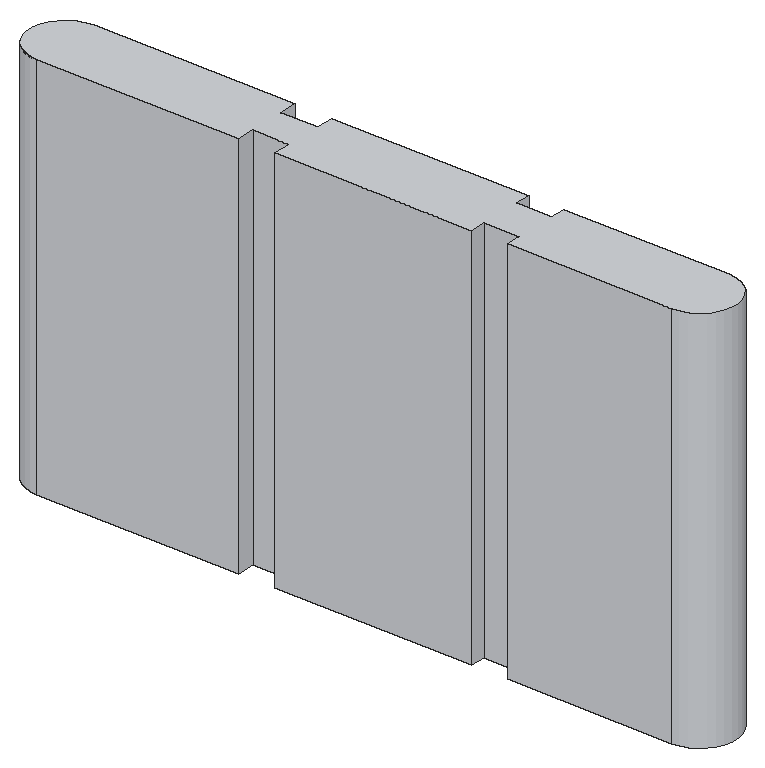
Revit family "闸墩 - 中墩", category 结构柱, Revit 2019
Family settings
  横断面形状 = 未定义
  用于模型行为的材质 = 其他
  始终导出为几何图形 = 否
  平面中的梁缩进 = 从边界框
  OmniClass 编号 = 23.25.30.11.14.11
  OmniClass 标题 = Columns
  加载时剪切的空心 = 否
  符号表示法 = 从族
  共享 = 否
  在平面视图中显示族的预剪切 = 是
Parameters
  槽2深度 = 250 mm
  槽2宽度 = 600 mm
  槽2位置 = 8000 mm
  槽1深度 = 300 mm
  槽1宽度 = 620 mm
  槽1位置 = 4030 mm
  型号 = "\"LOCK_CHAMBER_PIER_MIDDLE\""
  中墩宽度 = 1200 mm
  中墩长度 = 12000 mm
Reference planes
  plane 1 "中心(前/后)": y = 0
  plane 2: z = 0
  plane 3 "中心(左/右)": x = 0
  plane 4 "左": x = -6000
  plane 5 "右": x = 6000
  plane 6 "后": y = 600
  plane 7 "前": y = -600
  plane 8: x = -5400
  plane 9: x = 5400
  plane 10: x = -1970
  plane 11: x = 2000
  plane 12: x = 2600
  plane 13: y = -300
  plane 14: y = -350
  plane 15: x = -1350
  plane 16: y = 300
  plane 17: y = 350
Forms (mm)
  Extrusion 1, solid
    sketch origin (0, 0, 0) x (1, 0, 0) y (0, 1, 0)
      loop
        arc (-5400, 600) -> (-6000, 0) -> (-5400, -600) r 600
        line (-5400, -600) -> (5400, -600)
        arc (5400, -600) -> (6000, 0) -> (5400, 600) r 600
        line (5400, 600) -> (-5400, 600)
    from 0 to 6620
  Extrusion 2, void
    sketch origin (0, 0, 0) x (1, 0, 0) y (0, 1, 0)
      loop
        line (-1970, -300) -> (-1970, -600) -> (-1350, -600) -> (-1350, -300) -> (-1970, -300)
      loop
        line (2000, -350) -> (2000, -600) -> (2600, -600) -> (2600, -350) -> (2000, -350)
      loop
        line (2000, 600) -> (2000, 350) -> (2600, 350) -> (2600, 600) -> (2000, 600)
      loop
        line (-1970, 600) -> (-1970, 300) -> (-1350, 300) -> (-1350, 600) -> (-1970, 600)
    from 0 to 6620
Cuts and joins
  Extrusion 2 cuts Extrusion 1
Dimensions and locks
  equal spacing: plane 4 "左", plane 3 "中心(左/右)", plane 5 "右"
  equal spacing: plane 7 "前", plane 1 "中心(前/后)", plane 6 "后"
  "中墩长度": plane 4 "左" to plane 5 "右"
  "中墩宽度": plane 7 "前" to plane 6 "后"
  plane 4 "左" to plane 8 = 600 mm
  plane 9 to plane 5 "右" = 600 mm
  "槽1位置": plane 4 "左" to plane 10
  "槽1宽度": plane 10 to plane 15
  "槽2位置": plane 4 "左" to plane 11
  "槽2宽度": plane 11 to plane 12
  "槽1深度": plane 7 "前" to plane 13
  "槽2深度": plane 7 "前" to plane 14
  "槽1深度": plane 16 to plane 6 "后"
  "槽2深度": plane 17 to plane 6 "后"
  aligned and locked: level to plane 2
  aligned and locked: plane 6 "后" to Extrusion 1 sketch curve
  aligned and locked: Extrusion 1 sketch curve to plane 7 "前"
  aligned and locked: Extrusion 1 to level  (x2)
  aligned and locked: cut or joined group of Extrusion 1, Extrusion 2 to level  (x3)
  aligned and locked: plane 16 to cut or joined group of Extrusion 1, Extrusion 2
  aligned and locked: cut or joined group of Extrusion 1, Extrusion 2 to plane 10  (x2)
  aligned and locked: plane 15 to cut or joined group of Extrusion 1, Extrusion 2  (x2)
  aligned and locked: plane 13 to cut or joined group of Extrusion 1, Extrusion 2
  aligned and locked: plane 17 to cut or joined group of Extrusion 1, Extrusion 2
  aligned and locked: plane 12 to cut or joined group of Extrusion 1, Extrusion 2  (x2)
  aligned and locked: cut or joined group of Extrusion 1, Extrusion 2 to plane 11  (x2)
  aligned and locked: plane 14 to cut or joined group of Extrusion 1, Extrusion 2
Automatic sketch dimensions
  Extrusion 1 sketch curve to plane 8 = 0 mm
  Extrusion 1 sketch curve to plane 9 = 0 mm
  Extrusion 2 sketch curve to plane 10 = 0 mm  (x2)
  Extrusion 2 sketch curve to plane 13 = 0 mm
  Extrusion 2 sketch curve to plane 15 = 0 mm  (x2)
  plane 6 "后" to Extrusion 2 sketch curve = 0 mm  (x2)
  Extrusion 2 sketch curve to plane 11 = 0 mm  (x2)
  plane 7 "前" to Extrusion 2 sketch curve = 0 mm  (x2)
  Extrusion 2 sketch curve to plane 12 = 0 mm  (x2)
  Extrusion 2 sketch curve to plane 14 = 0 mm
  plane 16 to Extrusion 2 sketch curve = 0 mm
  plane 17 to Extrusion 2 sketch curve = 0 mm
